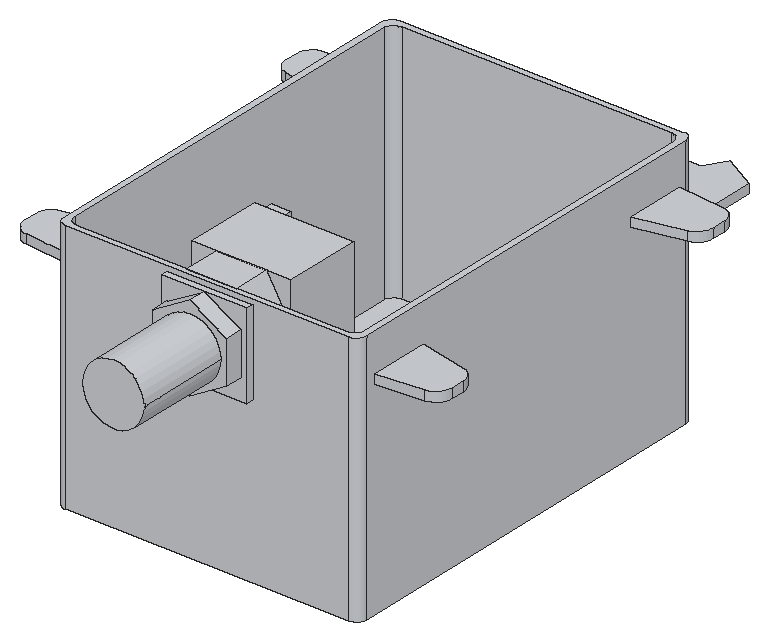
Revit family
Parameters
  Waste Connection = no
  Outlet Connector Type = ""
  Frame Visibiity [instance] = no
  Default Elevation = 40.00"
  Inlet Connector Type = ""
Reference planes (in)
  plane 1 "Center (Front/Back)": y = 0
  plane 2: z = 0
  plane 3 "Center (Left/Right)": x = 0
Forms (in)
  Extrusion 1, solid, not visible
    sketch origin (0, 0, 0) x (1, 0, 0) y (0, 1, 0)
      loop
        line (-48, 48) -> (-48, -48) -> (48, -48) -> (48, 48) -> (-48, 48)
    from 0 to -12
  Extrusion 2, solid
    sketch origin (-7.70397, -2.8125, -0.625) x (1, 0, 0) y (0, 1, 0)
      loop
        line (9.74457, 5.38) -> (9.74457, 4.5495) -> (10.41144, 4.7033)
        arc (10.41144, 4.7033) -> (10.53349, 4.78027) -> (10.58107, 4.9165) r 0.2188
        line (10.58107, 4.9165) -> (10.58107, 5.0987)
        arc (10.58107, 5.0987) -> (10.52446, 5.24556) -> (10.38392, 5.31643) r 0.2188
        line (10.38392, 5.31643) -> (9.74457, 5.38)
    from 0 to 0.125
  Extrusion 3, solid
    sketch origin (7.70397, -2.8125, -0.625) x (-1, 0, 0) y (0, -1, 0)
      loop
        line (9.74457, -5.38) -> (10.38392, -5.31643)
        arc (10.38392, -5.31643) -> (10.52446, -5.24556) -> (10.58107, -5.0987) r 0.2188
        line (10.58107, -5.0987) -> (10.58107, -4.9165)
        arc (10.58107, -4.9165) -> (10.53349, -4.78027) -> (10.41144, -4.7033) r 0.2188
        line (10.41144, -4.7033) -> (9.74457, -4.5495) -> (9.74457, -5.38)
    from 0 to 0.125
  Extrusion 4, solid
    sketch origin (-7.70397, 2.8125, -0.625) x (1, 0, 0) y (0, 1, 0)
      loop
        line (9.74457, -5.38) -> (10.38392, -5.31643)
        arc (10.38392, -5.31643) -> (10.52446, -5.24556) -> (10.58107, -5.0987) r 0.2188
        line (10.58107, -5.0987) -> (10.58107, -4.9165)
        arc (10.58107, -4.9165) -> (10.53349, -4.78027) -> (10.41144, -4.7033) r 0.2188
        line (10.41144, -4.7033) -> (9.74457, -4.5495) -> (9.74457, -5.38)
    from 0 to 0.125
  Extrusion 5, solid
    sketch origin (7.70397, 2.8125, -0.625) x (-1, 0, 0) y (0, -1, 0)
      loop
        line (9.74457, 5.38) -> (9.74457, 4.5495) -> (10.41144, 4.7033)
        arc (10.41144, 4.7033) -> (10.53349, 4.78027) -> (10.58107, 4.9165) r 0.2188
        line (10.58107, 4.9165) -> (10.58107, 5.0987)
        arc (10.58107, 5.0987) -> (10.52446, 5.24556) -> (10.38392, 5.31643) r 0.2188
        line (10.38392, 5.31643) -> (9.74457, 5.38)
    from 0 to 0.125
  Extrusion 6, void
    sketch origin (0, -2.8125, -3.75) x (1, 0, 0) y (0, 1, 0)
      loop
        arc (-1.81428, 5.535) -> (-1.91067, 5.49507) -> (-1.9506, 5.39868) r 0.13632
        line (-1.9506, 5.39868) -> (-1.9506, 0.21279)
        arc (-1.9506, 0.21279) -> (-1.91067, 0.11639) -> (-1.81428, 0.07647) r 0.13632
        line (-1.81428, 0.07647) -> (1.81428, 0.07647)
        arc (1.81428, 0.07647) -> (1.91067, 0.11639) -> (1.9506, 0.21279) r 0.13632
        line (1.9506, 0.21279) -> (1.9506, 5.39868)
        arc (1.9506, 5.39868) -> (1.91067, 5.49507) -> (1.81428, 5.535) r 0.13632
        line (1.81428, 5.535) -> (-1.81428, 5.535)
    from 0.47737 to 3.75
  Extrusion 7, solid
    sketch origin (7, -2.8125, -3.75) x (1, 0, 0) y (0, 1, 0)
      loop
        arc (-8.90741, 5.625) -> (-9.00159, 5.58599) -> (-9.0406, 5.49181) r 0.13319
        line (-9.0406, 5.49181) -> (-9.0406, 0.13319)
        arc (-9.0406, 0.13319) -> (-9.00159, 0.03901) -> (-8.90741, 0) r 0.13319
        line (-8.90741, 0) -> (-5.09259, 0)
        arc (-5.09259, 0) -> (-4.99841, 0.03901) -> (-4.9594, 0.13319) r 0.13319
        line (-4.9594, 0.13319) -> (-4.9594, 5.49181)
        arc (-4.9594, 5.49181) -> (-4.99841, 5.58599) -> (-5.09259, 5.625) r 0.13319
        line (-5.09259, 5.625) -> (-8.90741, 5.625)
    from 0.33616 to 3.75
  Extrusion 8, solid
    sketch origin (7, -2.8125, -4.09216) x (1, 0, 0) y (0, 1, 0)
      loop
        line (-8.5603, 6.3475) -> (-8.7288, 6.62451) -> (-9.1936, 6.35561) -> (-9.1936, 5.62871) -> (-9.0406, 5.47571) -> (-8.85627, 5.625) -> (-5.10627, 5.625) -> (-4.95819, 5.47692) -> (-4.8064, 5.62871) -> (-4.8064, 6.35561) -> (-5.2712, 6.62451) -> (-5.4397, 6.3475) -> (-8.5603, 6.3475)
    from 3.125 to 3.25
  Extrusion 9, solid
    sketch origin (2.7956, -1.806, -2.99004) x (-1, 0, 0) y (0, 0, -1)
      loop
        line (3.4606, -2.99004) -> (3.4606, -1.83823) -> (2.1306, -1.83823) -> (2.1306, -2.99004) -> (3.4606, -2.99004)
    from -0.61996 to 0.42904
  Extrusion 10, solid
    sketch origin (2.7956, -1.806, -3.43713) x (-1, 0, 0) y (0, 0, -1)
      loop
        line (3.4606, -2.86123) -> (3.1281, -2.28532) -> (2.4631, -2.28532) -> (2.1306, -2.86123) -> (2.4631, -3.43713) -> (3.1281, -3.43713) -> (3.4606, -2.86123)
    from 0.42904 to 0.93004
  Extrusion 11, solid
    sketch origin (0.38935, 0, 0) x (1, 0, 0) y (0, 0, 1)
      loop
        line (0.22268, -0.0625) -> (-0.92732, -0.0625) -> (-0.92732, -1.21223) -> (0.22268, -1.21223) -> (0.22268, -0.0625)
    from 2.8125 to 2.9125
  Extrusion 12, solid
    sketch origin (1.0456, 0, 0) x (1, 0, 0) y (0, 0, 1)
      loop
        line (-1.0117, -0.0625) -> (-1.50955, -0.34993) -> (-1.50955, -0.9248) -> (-1.0117, -1.21223) -> (-0.51385, -0.9248) -> (-0.51385, -0.34993) -> (-1.0117, -0.0625)
    from 2.9125 to 3.1475
  Extrusion 13, solid
    sketch origin (1.0456, 0, 0) x (1, 0, 0) y (0, 0, 1)
      loop
        circle (-1.0117, -0.63736) r 0.4125
    from 4.42992 to 3.1475
  Extrusion 14, solid
    sketch origin (-0.7427, 0, -0.77554) x (1, 0, 0) y (0, 1, 0)
      loop
        line (0.0777, -1.86103) -> (0.0777, -0.57103) -> (-0.1823, -0.57103) -> (-0.1823, -1.86103) -> (0.0777, -1.86103)
    from 0 to 0.4
  Sweep 15, solid, not visible
    path origin (0, 0, 0) x (1, 0, 0) y (0, 0, 1)
      loop
        line (-1.7174, 2.5401) -> (-1.7174, -2.5401) -> (1.7174, -2.5401) -> (1.7174, 2.5401) -> (-1.7174, 2.5401)
    profile origin (-1.7174, 0, 0) x (0, -1, 0) y (1, 0, 0)
      loop
        line (0, 0) -> (0, -1.1782) -> (0.125, -1.1782)
        arc (0.125, -1.1782) -> (0.18244, -0.8066) -> (0.29371, -0.44742) r 2.55875
        arc (0.29371, -0.44742) -> (0.35615, -0.22767) -> (0.375, 0) r 1.17785
        line (0.375, 0) -> (0, 0)
  Sweep 16, solid, visible <- "Frame Visibiity"
    path origin (0, 0, 0) x (1, 0, 0) y (0, 1, 0)
      loop
        line (-1.7174, 2.5401) -> (-1.7174, -2.5401) -> (1.7174, -2.5401) -> (1.7174, 2.5401) -> (-1.7174, 2.5401)
    profile origin (-1.7174, 0, 0) x (1, 0, 0) y (0, 0, 1)
      loop
        line (0, 0) -> (0, 0.375)
        arc (0, 0.375) -> (-0.22767, 0.35615) -> (-0.44742, 0.29371) r 1.17785
        arc (-0.44742, 0.29371) -> (-0.8066, 0.18244) -> (-1.1782, 0.125) r 2.55875
        line (-1.1782, 0.125) -> (-1.1782, 0) -> (0, 0)
Cuts and joins
  Extrusion 6 cuts Extrusion 7
Lines and regions (in)
  model lines
    curve 1: circle (2.6206, 2.1725, -0.5) r 0.09 normal (0, 0, 1)
    curve 2: circle (-2.6206, 2.1725, -0.5) r 0.09 normal (0, 0, -1)
    curve 3: circle (2.6206, -2.1725, -0.5) r 0.09 normal (0, 0, -1)
    curve 4: circle (-2.6206, -2.1725, -0.5) r 0.09 normal (0, 0, 1)
    curve 5: line (-0.2884, 2.8125, -0.84216) -> (-0.2884, 3.535, -0.84216)
    curve 6: line (0.3116, 2.8125, -0.84216) -> (0.3116, 3.535, -0.84216)
    curve 7: line (0.9116, 2.8125, -0.84216) -> (0.9116, 3.535, -0.84216)
    curve 8: line (-0.8884, 2.8125, -0.84216) -> (-0.8884, 3.535, -0.84216)
    curve 9: line (-1.4884, 2.8125, -0.84216) -> (-1.4884, 3.535, -0.84216)
    curve 10: line (1.5116, 2.8125, -0.84216) -> (1.5116, 3.535, -0.84216)
    curve 11: line (-1.6414, 2.8125, -0.84216) -> (-1.6414, 3.535, -0.84216)
    curve 12: line (-1.5603, 3.535, -0.84216) -> (-1.6414, 3.535, -0.84216)
    curve 13: line (-1.6414, 3.535, -0.84216) -> (-1.70032, 3.31511, -0.84216)
    curve 14: line (-1.70032, 3.31511, -0.84216) -> (-2.1936, 3.10261, -0.84216)
    curve 15: line (1.5603, 3.535, -0.84216) -> (1.6414, 3.535, -0.84216)
    curve 16: line (1.6414, 3.535, -0.84216) -> (1.70032, 3.31511, -0.84216)
    curve 17: line (1.70032, 3.31511, -0.84216) -> (2.1936, 3.10261, -0.84216)
    curve 18: line (-1.8226, 3.55987, -0.84216) -> (-1.8226, 3.37958, -0.84216)
    curve 19: line (-1.8226, 3.37958, -0.84216) -> (-2.00154, 3.3025, -0.84216)
    curve 20: line (-2.00154, 3.3025, -0.84216) -> (-2.00154, 3.48278, -0.84216)
    curve 21: line (-1.8226, 3.55987, -0.84216) -> (-2.00154, 3.48278, -0.84216)
    curve 22: line (1.8226, 3.55987, -0.84216) -> (1.8226, 3.37958, -0.84216)
    curve 23: line (1.8226, 3.37958, -0.84216) -> (2.00154, 3.3025, -0.84216)
    curve 24: line (2.00154, 3.3025, -0.84216) -> (2.00154, 3.48278, -0.84216)
    curve 25: line (1.8226, 3.55987, -0.84216) -> (2.00154, 3.48278, -0.84216)
    curve 26: circle (0, -1.7116, 0) r 0.45 normal (0, 0, 1)
    curve 27: circle (0, -1.7116, 0) r 0.125 normal (0, 0, 1)
Dimensions and locks (in)
  locked: cut or joined group of Extrusion 6, Extrusion 7 to plane 1 "Center (Front/Back)" at 2.8125
  locked: cut or joined group of Extrusion 6, Extrusion 7 to cut or joined group of Extrusion 6, Extrusion 7 at 5.625
  locked: Extrusion 13 to cut or joined group of Extrusion 6, Extrusion 7 at 1.61742
  aligned and locked: plane 2 to Extrusion 1
  aligned and locked: level to Extrusion 1
  aligned and locked: Extrusion 7 to Extrusion 2
  aligned: Extrusion 7 to level
  aligned and locked: Extrusion 2 to Extrusion 4
  aligned and locked: Extrusion 6 to Extrusion 7
  aligned and locked: Extrusion 10 to Extrusion 9
  aligned and locked: cut or joined group of Extrusion 6, Extrusion 7 to Extrusion 11
  aligned and locked: Extrusion 11 to Extrusion 12
  aligned and locked: Extrusion 13 to Extrusion 12
Connectors (in)
  piping at (0, -1.71053, 0), driven by "Outlet Connector Type"
    settings: on Extrusion 9, index 1, connector radius 0.13", flow factor 0, pipe flow 0 GPM, pressure drop 0.00 psi, fitting loss kfactor 0, connector angle 0.00°, fixture units 0, flow configuration 0, flow direction 2, fitting loss method 0, system type 20, connector reference index -1, connector utility 0, adjustable connector no, is connector primary yes, fitting loss table "", connector description ""
  piping at (0.0339, -4.42992, -0.63736), driven by "Inlet Connector Type"
    settings: on Extrusion 13, index 6, connector radius 1/4", flow factor 0, pipe flow 0 GPM, pressure drop 0.00 psi, fitting loss kfactor 0, connector angle 0.00°, fixture units 0, flow configuration 0, flow direction 1, fitting loss method 0, system type 20, connector reference index -1, connector utility 0, adjustable connector no, is connector primary no, fitting loss table "", connector description ""
